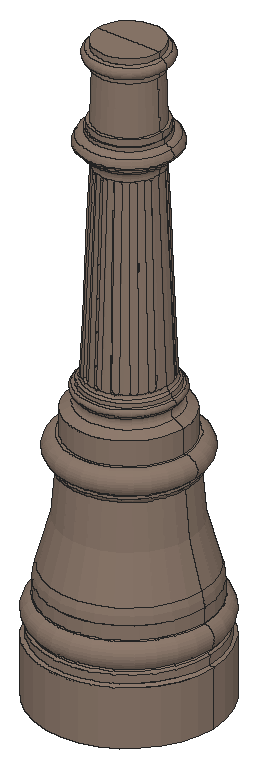
Revit family "CB0501", category Generic Models, Revit 2014
Parameters
  BASE = Bronze, Architectural
Reference planes (in)
  plane 1 "Center (Front/Back)": y = 0
  plane 2: z = 0
  plane 3 "Center (Left/Right)": x = 0
Forms (in)
  Revolve 1, solid, material "Bronze, Architectural" <- "BASE"
    sketch origin (0, 0, 0) x (1, 0, 0) y (0, 0, 1)
      loop
        line (-5.4375, 4.25) -> (-5.4375, 3.75) -> (-5.6875, 3.625) -> (-5.6875, 0) -> (0, 0) -> (0, 39.25) -> (-2.0625, 39.25) -> (-2.0625, 38.90625)
        arc (-2.0625, 38.90625) -> (-2.18861, 38.88178) -> (-2.30344, 38.82419) r 0.47174
        arc (-2.30344, 38.82419) -> (-2.5, 38.5) -> (-2.30344, 38.17581) r 0.36562
        arc (-2.30344, 38.17581) -> (-2.18826, 38.11925) -> (-2.0625, 38.09375) r 0.50193
        line (-2.0625, 38.09375) -> (-2.0625, 37.75) -> (-1.9375, 37.75) -> (-2.0625, 34.5) -> (-2.25, 34.5) -> (-2.25, 34.125) -> (-2.375, 34.125) -> (-2.375, 33.875)
        arc (-2.375, 33.875) -> (-2.63403, 33.82787) -> (-2.8311, 33.65329) r 0.48916
        arc (-2.8311, 33.65329) -> (-2.95236, 33.41694) -> (-2.99957, 33.15552) r 0.90269
        arc (-2.99957, 33.15552) -> (-2.99405, 33.13679) -> (-2.97848, 33.125) r 0.03125
        arc (-2.97848, 33.125) -> (-2.68002, 32.98954) -> (-2.53744, 32.69441) r 0.48145
        arc (-2.53744, 32.69441) -> (-2.51342, 32.63748) -> (-2.46508, 32.59901) r 0.125
        arc (-2.46508, 32.59901) -> (-2.13449, 32.30512) -> (-2.03125, 31.875) r 0.73825
        line (-2.03125, 31.875) -> (-2.55896, 19.39612)
        arc (-2.55896, 19.39612) -> (-2.58555, 19.27316) -> (-2.65178, 19.1662) r 0.37025
        arc (-2.65178, 19.1662) -> (-2.73364, 19.09013) -> (-2.82863, 19.03125) r 0.57744
        line (-2.82863, 19.03125) -> (-2.84392, 18.8125)
        arc (-2.84392, 18.8125) -> (-2.92906, 18.78764) -> (-3.00554, 18.74271) r 0.35999
        arc (-3.00554, 18.74271) -> (-3.12085, 18.57486) -> (-3.07303, 18.37691) r 0.25
        line (-3.07303, 18.37691) -> (-2.89688, 18.14831)
        arc (-2.89688, 18.14831) -> (-2.82743, 17.83998) -> (-3.01832, 17.58807) r 0.375
        line (-3.01832, 17.58807) -> (-3.65625, 17.25) -> (-3.65625, 15.75) -> (-3.84375, 15.75)
        arc (-3.84375, 15.75) -> (-4.57735, 15.16089) -> (-4.16051, 14.3174) r 0.75132
        arc (-4.16051, 14.3174) -> (-4.09004, 14.27362) -> (-4.0625, 14.19535) r 0.125
        line (-4.0625, 14.19535) -> (-4.0625, 14)
        arc (-4.0625, 14) -> (-3.98928, 13.82322) -> (-3.8125, 13.75) r 0.25
        arc (-3.8125, 13.75) -> (-4.08432, 10.8017) -> (-4.88885, 7.95231) r 16.17946
        arc (-4.88885, 7.95231) -> (-5.02265, 7.48472) -> (-5.0625, 7) r 2.47698
        line (-5.0625, 7) -> (-5.0625, 6.13388)
        arc (-5.0625, 6.13388) -> (-5.07397, 6.0978) -> (-5.10417, 6.07496) r 0.0625
        arc (-5.10417, 6.07496) -> (-5.68406, 5.32753) -> (-5.24521, 4.48948) r 0.875
        arc (-5.24521, 4.48948) -> (-5.22047, 4.41933) -> (-5.28021, 4.375) r 0.06264
        arc (-5.28021, 4.375) -> (-5.38057, 4.33983) -> (-5.4375, 4.25) r 0.162
      axis (0, 39.25) -> (0, 0)
    angle from 0 to 360
  Extrusion 2, void
    sketch origin (0, -1.11831, -0.06406) x (1, 0, 0) y (0, 0.043619, 0.999048)
      loop
        arc (0.25, 31.625) -> (0, 31.875) -> (-0.25, 31.625) r 0.25
        line (-0.25, 31.625) -> (-0.25, 19.5625)
        arc (-0.25, 19.5625) -> (0, 19.3125) -> (0.25, 19.5625) r 0.25
        line (0.25, 19.5625) -> (0.25, 31.625)
    from 2.15782 to 2.41856
  Extrusion 3, void
    sketch origin (0.42796, -1.03319, -0.06406) x (0.92388, 0.382683, 0) y (-0.016692, 0.040299, 0.999048)
      loop
        arc (0.25, 31.625) -> (0, 31.875) -> (-0.25, 31.625) r 0.25
        line (-0.25, 31.625) -> (-0.25, 19.5625)
        arc (-0.25, 19.5625) -> (0, 19.3125) -> (0.25, 19.5625) r 0.25
        line (0.25, 19.5625) -> (0.25, 31.625)
    from 2.15782 to 2.41856
  Extrusion 4, void
    sketch origin (0.79077, -0.79077, -0.06406) x (0.707107, 0.707107, 0) y (-0.030844, 0.030844, 0.999048)
      loop
        arc (0.25, 31.625) -> (0, 31.875) -> (-0.25, 31.625) r 0.25
        line (-0.25, 31.625) -> (-0.25, 19.5625)
        arc (-0.25, 19.5625) -> (0, 19.3125) -> (0.25, 19.5625) r 0.25
        line (0.25, 19.5625) -> (0.25, 31.625)
    from 2.15782 to 2.41856
  Extrusion 5, void
    sketch origin (1.03319, -0.42796, -0.06406) x (0.382683, 0.92388, 0) y (-0.040299, 0.016692, 0.999048)
      loop
        arc (0.25, 31.625) -> (0, 31.875) -> (-0.25, 31.625) r 0.25
        line (-0.25, 31.625) -> (-0.25, 19.5625)
        arc (-0.25, 19.5625) -> (0, 19.3125) -> (0.25, 19.5625) r 0.25
        line (0.25, 19.5625) -> (0.25, 31.625)
    from 2.15782 to 2.41856
  Extrusion 6, void
    sketch origin (-0.42796, -1.03319, -0.06406) x (0.92388, -0.382683, 0) y (0.016692, 0.040299, 0.999048)
      loop
        arc (0.25, 31.625) -> (0, 31.875) -> (-0.25, 31.625) r 0.25
        line (-0.25, 31.625) -> (-0.25, 19.5625)
        arc (-0.25, 19.5625) -> (0, 19.3125) -> (0.25, 19.5625) r 0.25
        line (0.25, 19.5625) -> (0.25, 31.625)
    from 2.15782 to 2.41856
  Extrusion 7, void
    sketch origin (-0.79077, -0.79077, -0.06406) x (0.707107, -0.707107, 0) y (0.030844, 0.030844, 0.999048)
      loop
        arc (0.25, 31.625) -> (0, 31.875) -> (-0.25, 31.625) r 0.25
        line (-0.25, 31.625) -> (-0.25, 19.5625)
        arc (-0.25, 19.5625) -> (0, 19.3125) -> (0.25, 19.5625) r 0.25
        line (0.25, 19.5625) -> (0.25, 31.625)
    from 2.15782 to 2.41856
  Extrusion 8, void
    sketch origin (-1.03319, -0.42796, -0.06406) x (0.382683, -0.92388, 0) y (0.040299, 0.016692, 0.999048)
      loop
        arc (0.25, 31.625) -> (0, 31.875) -> (-0.25, 31.625) r 0.25
        line (-0.25, 31.625) -> (-0.25, 19.5625)
        arc (-0.25, 19.5625) -> (0, 19.3125) -> (0.25, 19.5625) r 0.25
        line (0.25, 19.5625) -> (0.25, 31.625)
    from 2.15782 to 2.41856
  Extrusion 9, void
    sketch origin (1.03319, 0.42796, -0.06406) x (-0.382683, 0.92388, 0) y (-0.040299, -0.016692, 0.999048)
      loop
        arc (0.25, 31.625) -> (0, 31.875) -> (-0.25, 31.625) r 0.25
        line (-0.25, 31.625) -> (-0.25, 19.5625)
        arc (-0.25, 19.5625) -> (0, 19.3125) -> (0.25, 19.5625) r 0.25
        line (0.25, 19.5625) -> (0.25, 31.625)
    from 2.15782 to 2.41856
  Extrusion 10, void
    sketch origin (0.79077, 0.79077, -0.06406) x (-0.707107, 0.707107, 0) y (-0.030844, -0.030844, 0.999048)
      loop
        arc (0.25, 31.625) -> (0, 31.875) -> (-0.25, 31.625) r 0.25
        line (-0.25, 31.625) -> (-0.25, 19.5625)
        arc (-0.25, 19.5625) -> (0, 19.3125) -> (0.25, 19.5625) r 0.25
        line (0.25, 19.5625) -> (0.25, 31.625)
    from 2.15782 to 2.41856
  Extrusion 11, void
    sketch origin (0.42796, 1.03319, -0.06406) x (-0.92388, 0.382683, 0) y (-0.016692, -0.040299, 0.999048)
      loop
        arc (0.25, 31.625) -> (0, 31.875) -> (-0.25, 31.625) r 0.25
        line (-0.25, 31.625) -> (-0.25, 19.5625)
        arc (-0.25, 19.5625) -> (0, 19.3125) -> (0.25, 19.5625) r 0.25
        line (0.25, 19.5625) -> (0.25, 31.625)
    from 2.15782 to 2.41856
  Extrusion 12, void
    sketch origin (-1.03319, 0.42796, -0.06406) x (-0.382683, -0.92388, 0) y (0.040299, -0.016692, 0.999048)
      loop
        arc (0.25, 31.625) -> (0, 31.875) -> (-0.25, 31.625) r 0.25
        line (-0.25, 31.625) -> (-0.25, 19.5625)
        arc (-0.25, 19.5625) -> (0, 19.3125) -> (0.25, 19.5625) r 0.25
        line (0.25, 19.5625) -> (0.25, 31.625)
    from 2.15782 to 2.41856
  Extrusion 13, void
    sketch origin (-0.79077, 0.79077, -0.06406) x (-0.707107, -0.707107, 0) y (0.030844, -0.030844, 0.999048)
      loop
        arc (0.25, 31.625) -> (0, 31.875) -> (-0.25, 31.625) r 0.25
        line (-0.25, 31.625) -> (-0.25, 19.5625)
        arc (-0.25, 19.5625) -> (0, 19.3125) -> (0.25, 19.5625) r 0.25
        line (0.25, 19.5625) -> (0.25, 31.625)
    from 2.15782 to 2.41856
  Extrusion 14, void
    sketch origin (-0.42796, 1.03319, -0.06406) x (-0.92388, -0.382683, 0) y (0.016692, -0.040299, 0.999048)
      loop
        arc (0.25, 31.625) -> (0, 31.875) -> (-0.25, 31.625) r 0.25
        line (-0.25, 31.625) -> (-0.25, 19.5625)
        arc (-0.25, 19.5625) -> (0, 19.3125) -> (0.25, 19.5625) r 0.25
        line (0.25, 19.5625) -> (0.25, 31.625)
    from 2.15782 to 2.41856
  Extrusion 15, void
    sketch origin (0, 1.11831, -0.06406) x (-1, 0, 0) y (0, -0.043619, 0.999048)
      loop
        arc (0.25, 31.625) -> (0, 31.875) -> (-0.25, 31.625) r 0.25
        line (-0.25, 31.625) -> (-0.25, 19.5625)
        arc (-0.25, 19.5625) -> (0, 19.3125) -> (0.25, 19.5625) r 0.25
        line (0.25, 19.5625) -> (0.25, 31.625)
    from 2.15782 to 2.41856
Cuts and joins
  Extrusion 2, Extrusion 3, Extrusion 4, Extrusion 5, Extrusion 6, Extrusion 7, Extrusion 8, Extrusion 9, Extrusion 10, Extrusion 11, Extrusion 12, Extrusion 13, Extrusion 14, Extrusion 15 cuts Revolve 1
Dimensions and locks (in)
  aligned and locked: plane 2 to level
